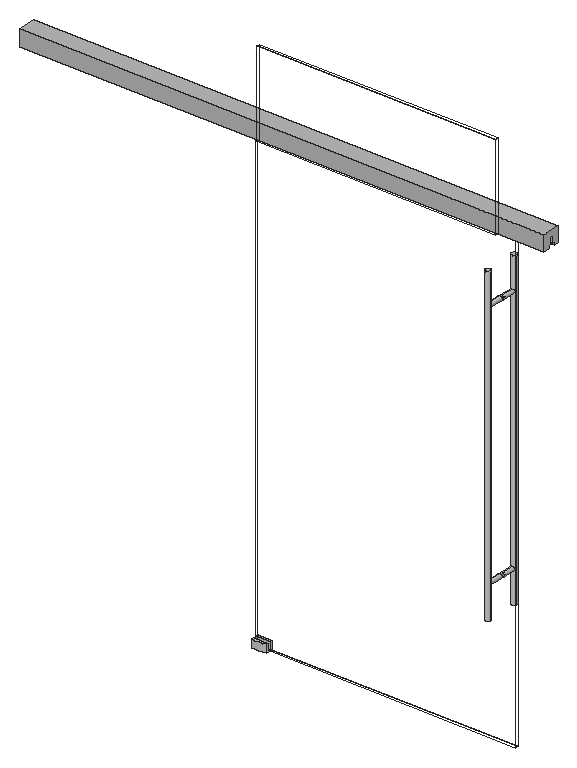
Revit family "Doors_Sliding_Avanti_Systems_Polaris-Auto-Magnetic-Slider_Single-Glass-Mount-Dbl-Glazed", category Doors, Revit 2015
Parameters (values of type "Load Family Type Catalog")
  Youtube clip = ""
  Weight Net (Kg) = "0"
  Warranty = "1 year"  # constant formula
  Uniformat II Description = "Interior Doors"
  Uniformat II Code = "C1020"
  Uniclass 2015 Name = "Sliding door and partition sets"
  Uniclass 2015 Code = "Pr_30_59_24_80"
  Uniclass 2.0 Description = "Sliding Door And Partition Sets"
  Uniclass 2.0 Code = "PR-59-23-77"
  Uniclass 1.4 Description = "Doors"
  Uniclass 1.4 Code = "JL20"
  URL = "www.avantisystemsusa.com"
  UNSPSC Code = "30171501"
  Type = 1
  Transome Glass Width [instance] = 36 5/8"
  Transome Glass Height [instance] = 13.17078"
  Transom Height [instance] = 13.35828"
  Thickness = if(Type = 1, 1/2", if(Type = 2, 3/8", if(Type = 3, 7/16", if(Type = 4, 9/16", 3/4"))))  # 1/2"
  Technical description = ""
  Stainless Steel Finish = "Yes"  # constant formula
  Sound Rating = 0
  Region South America = "All"
  Region Oceania = "All"
  Region North America = "All"
  Region Middle East = "All"
  Region Europe = "All"
  Region Asia = "All"
  Region Antarctica = "All"
  Region Africa = "All"
  Rail material [instance] = Polyester powder - Avanti - White aluminium METALLIC - RAL9006
  Rail Length [instance] = (Opening Width * 2) + 6 5/16"  # 80 5/16"
  QR code = "http://bimobject.com/avantisystems/product/avanti-polaris-auto-magnetic-slider"
  Product url = "https://www.avantisystemsusa.com/glass-products/doors/sliding-doors/automatic-doors/"
  Product group = "Automatic Doors"
  Product family = "Sliding Doors"
  Product data url = "https://bimobject.com/avantisystems/product/avanti-polaris-auto-magnetic-slider"
  Product certification = ""
  Product SKU = "avanti-polaris-auto-magnetic-slider"
  Product Guid = "5e847812-9909-4e74-9d64-870bde1c5a5f"
  Power = 110 V  # constant formula
  Opening Width [instance] = 37"
  OmniClass Description = "Sliding All Glass Doors"
  OmniClass Code = "23-17 11 23 13"
  Nominal width = 0"
  Nominal height = 0"
  NBS Reference Description = "Sliding Door And Partition Sets"
  NBS Reference Code = "59-23-77"
  Model = "Polaris™ Auto Magnetic Slider"  # constant formula
  Material secondary = "Aluminium"
  Material main = "Glass"
  Masterformat 2014 Description = "Sliding Aluminum-Framed Glass Doors"
  Masterformat 2014 Code = "08 32 13"
  Manufacturer name = "Avanti Systems"
  Manufacturer country = ""
  Manufacturer = "Avanti Systems USA"  # constant formula
  Lock = "Thumb turn floor lock with a key"
  Ladder Pull Height [instance] = 18"
  LEED compatibility = "LEED 2009 (v3): MRc3, MRc4, MRc5, MRc7, EQc4.2, EQc8.1 and EQc8.2. LEED v4: MRc1, MRc3, MRc4, MRc8, EQc2, EQc7 and EQc8."  # constant formula
  Installation instructions = ""
  IFC Classification = "Door"
  Hardware material [instance] = Stainless Steel - Avanti- Brushed Finish
  Handle type [instance] = Handle : 48" Ladder Pull
  Glazing = "Safety Glazing SGCC"
  Glass Width [instance] = 40"
  Glass Material = Glass - Avanti -  Low Iron
  Glass Marker = yes
  Glass Height [instance] = 71.98981"
  Gap Thickness = if(Type = 1, 1 1/4", if(Type = 2, 1 39/128", if(Type = 3, 1 35/128", if(Type = 4, 1 27/128", 1 15/128"))))  # 1 1/4"
  Function = Interior
  Edition number = 1
  EAN code = ""
  Design country = "United States"
  Description = "The newset innovation in modern interior office entryway design."  # constant formula
  Date of publishing = ""
  Clear Anodic Finish = "ASTM B221 (ASTM B221M)"  # constant formula
  COBIe Type Category = ""
  Brand url = "http://www.avantisystemsusa.com/"
  BIMobject main category code = "doors"
  BIMobject main category = "Doors"
  BIMobject category code = "doors-sliding"
  BIMobject category = "Sliding"
  Analytic Construction = "<None>"
Reference planes (in)
  plane 1 "Center (Front/Back)": y = 0
  plane 2: z = 0
  plane 3 "Center (Left/Right)": x = 3.24894
  plane 4: x = -15.25106
  plane 5: x = 21.74894
  plane 6 "Top": z = 84.14172
  plane 7 "Curtain_wall_center": y = 1.4375
  plane 8 "Curtain_wall_exterior": y = 1.6875
  plane 9 "Curtain_wall_interior": y = 1.1875
  plane 10 "Top_panel_height": z = 70.78343
  plane 11 "Doors_exterior": y = 3.4375
  plane 12 "Doors_center": y = 3.1875
  plane 13 "Doors_interior": y = 2.9375
  plane 14 "Door_offset_left": x = -16.75106
  plane 15 "Door_offset_right": x = 23.24894
  plane 16 "Door_offset_top": z = 72.14172
  plane 17 "Handle_placement_top": z = 18
  plane 18 "Handle_placement_level": x = 20.74894
  plane 19: x = -14.76823
  plane 20: z = 0.15191
  plane 21: x = -51.87606
  plane 22: x = 28.43644
  plane 23: x = 21.56144
  plane 24: z = 83.95422
  plane 25: x = -15.06356
  plane 26: z = 36.07086
Forms (in)
  Extrusion 1, solid, material "Glass - Avanti -  Low Iron" <- "Glass Material"
    sketch origin (0, 0, 0) x (1, 0, 0) y (0, 1, 0)
      loop
        line (-16.75106, 3.4375) -> (-16.75106, 2.9375) -> (23.24894, 2.9375) -> (23.24894, 3.4375) -> (-16.75106, 3.4375)
    from 0.15191 to 72.14172
  Extrusion 2, solid, material "Stainless Steel - Avanti- Brushed Finish" <- "Hardware material"
    sketch origin (0, 0, 0) x (1, 0, 0) y (0, 1, 0)
      loop
        arc (-17.01409, 2.67156) -> (-15.89116, 2.46923) -> (-14.76823, 2.67156) r 3.2173
        line (-14.76823, 2.67156) -> (-14.76823, 3.70344)
        arc (-14.76823, 3.70344) -> (-15.89116, 3.86477) -> (-17.01409, 3.70344) r 3.98879
        line (-17.01409, 3.70344) -> (-17.01409, 2.67156)
    from 0 to 1.21575
  Extrusion 3, void
    sketch origin (3.24894, 0, 0) x (0, 1, 0) y (0, 0, 1)
      loop
        line (3.4375, 1.21575) -> (2.9375, 1.21575) -> (2.9375, 0.15191) -> (3.4375, 0.15191) -> (3.4375, 1.21575)
    from -20.26303 to -18.01717
  Sweep 4, solid, material "Polyester powder - Avanti - White aluminium METALLIC - RAL9006" <- "Rail material"
    path origin (0, 0, 0) x (1, 0, 0) y (0, 0, 1)
      loop
        line (28.43644, 72.14172) -> (-51.87606, 72.14172)
    profile origin (-11.71981, 0, 72.14172) x (0, 0, -1) y (0, -1, 0)
      loop
        line (1.35828, -1.6875) -> (-1.00393, -1.6875) -> (-1.00393, -4.44977) -> (1.35828, -4.44977) -> (1.35828, -3.85922) -> (0.96064, -3.85922) -> (0.96064, -3.4375) -> (0, -3.4375) -> (0, -2.9375) -> (1.00001, -2.9375) -> (1.00001, -2.66236) -> (1.35828, -2.66236) -> (1.35828, -1.6875)
  Extrusion 5, solid, material "Glass - Avanti -  Low Iron" <- "Glass Material"
    sketch origin (0, 0, 0) x (1, 0, 0) y (0, 1, 0)
      loop
        line (-15.06356, 1.6875) -> (-15.06356, 1.1875) -> (21.56144, 1.1875) -> (21.56144, 1.6875) -> (-15.06356, 1.6875)
    from 70.78343 to 83.95422
Cuts and joins
  Extrusion 3 cuts Extrusion 2
Lines and regions (in)
  symbolic lines, style "0"
    curve 1: line (-17.01409, 2.67156, 0) -> (-17.01409, 3.70344, 0)
    curve 2: line (-14.76823, 2.67156, 0) -> (-14.76823, 3.70344, 0)
    curve 3: circle (-16.75106, 3.1875, 0) r 0.22256 normal (0, 0, 1)
    curve 4: circle (-16.75106, 3.1875, 0) r 0.13151 normal (0, 0, 1)
    curve 5: circle (-15.03126, 3.1875, 0) r 0.22256 normal (0, 0, 1)
    curve 6: circle (-15.03126, 3.1875, 0) r 0.13151 normal (0, 0, 1)
    curve 7: arc (-15.42624, 2.81319, 0) -> (-15.29429, 3.1875, 0) -> (-15.42624, 3.56181, 0) r 0.59687
    curve 8: arc (-16.35608, 3.56181, 0) -> (-16.48803, 3.1875, 0) -> (-16.35608, 2.81319, 0) r 0.59687
    curve 9: line (-14.76823, 3.56181, 0) -> (-17.01409, 3.56181, 0)
    curve 10: line (-14.76823, 2.81319, 0) -> (-17.01409, 2.81319, 0)
    curve 21: arc (-14.76823, 2.67156, 0) -> (-15.89116, 2.46923, 0) -> (-17.01409, 2.67156, 0) r 3.2173
    curve 35: line (-14.76823, 2.9375, 0) -> (23.24894, 2.9375, 0)
    curve 36: line (23.24894, 2.9375, 0) -> (23.24894, 3.4375, 0)
    curve 37: line (3.24894, 1.6875, 84.14172) -> (3.24894, 1.1875, 84.14172)
    curve 38: line (3.24894, 1.6875, 70.78343) -> (3.24894, 1.6875, 84.14172)
    curve 39: line (3.24894, 1.1875, 70.78343) -> (3.24894, 1.6875, 70.78343)
    curve 40: line (3.24894, 1.1875, 84.14172) -> (3.24894, 1.1875, 70.78343)
    curve 41: line (3.24894, 3.4375, 0.15191) -> (3.24894, 3.4375, 72.14172)
    curve 42: line (3.24894, 2.9375, 0.15191) -> (3.24894, 3.4375, 0.15191)
    curve 43: line (3.24894, 2.9375, 72.14172) -> (3.24894, 2.9375, 0.15191)
  symbolic lines, style "0", not visible
    curve 11: line (-11.39483, 5.69093, 0) -> (-11.39483, 4.65905, 0)
    curve 12: line (-13.64069, 5.69093, 0) -> (-13.64069, 4.65905, 0)
    curve 13: circle (-11.65786, 5.17499, 0) r 0.22256 normal (0, 0, 1)
    curve 14: circle (-11.65786, 5.17499, 0) r 0.13151 normal (0, 0, 1)
    curve 15: circle (-13.37767, 5.17499, 0) r 0.22256 normal (0, 0, 1)
    curve 16: circle (-13.37767, 5.17499, 0) r 0.13151 normal (0, 0, 1)
    curve 17: arc (-12.98268, 5.5493, 0) -> (-13.11464, 5.17499, 0) -> (-12.98268, 4.80068, 0) r 0.59687
    curve 18: arc (-12.05285, 4.80068, 0) -> (-11.92089, 5.17499, 0) -> (-12.05285, 5.5493, 0) r 0.59687
    curve 19: line (-13.64069, 4.80068, 0) -> (-11.39483, 4.80068, 0)
    curve 20: line (-13.64069, 5.5493, 0) -> (-11.39483, 5.5493, 0)
    curve 22: arc (-13.64069, 5.69093, 0) -> (-12.51776, 5.89326, 0) -> (-11.39483, 5.69093, 0) r 3.2173
  symbolic lines, style "0", detail levels medium+fine
    curve 23: circle (20.74894, 5.71141, 0) r 0.39445 normal (0, 0, 1)
    curve 24: line (20.43894, 5.46751, 0) -> (20.43894, 3.4375, 0)
    curve 25: line (21.06195, 5.47137, 0) -> (21.06195, 3.4375, 0)
    curve 26: circle (20.74894, 0.66359, 0) r 0.39445 normal (0, 0, -1)
    curve 27: line (20.43894, 0.90749, 0) -> (20.43894, 2.9375, 0)
    curve 28: line (21.06195, 0.90363, 0) -> (21.06195, 2.9375, 0)
  symbolic lines, style "0", not visible, detail levels medium+fine
    curve 29: circle (20.74894, 4.89891, 0) r 0.39445 normal (0, 0, 1)
    curve 30: line (20.43894, 4.65501, 0) -> (20.43894, 2.625, 0)
    curve 31: line (21.06195, 4.65887, 0) -> (21.06195, 2.625, 0)
    curve 32: circle (20.74894, -0.14891, 0) r 0.39445 normal (0, 0, -1)
    curve 33: line (20.43894, 0.09499, 0) -> (20.43894, 2.125, 0)
    curve 34: line (21.06195, 0.09113, 0) -> (21.06195, 2.125, 0)
  symbolic lines, not visible
    curve 44: line (-16.88257, 3.1875, 0) -> (-16.61954, 3.1875, 0)
    curve 45: line (-11.52635, 5.17499, 0) -> (-11.78938, 5.17499, 0)
    curve 49: line (1.40098, 0.25002, 36.07086) -> (5.0969, 0.25002, 36.07086)
    curve 54: line (-1.84534, 0.25002, 22.66367) -> (1.85057, 0.25002, 22.66367)
    curve 59: arc (-13.64069, 4.65905, 0) -> (-12.51776, 4.49772, 0) -> (-11.39483, 4.65905, 0) r 3.98879
  symbolic lines, visible <- "Glass Marker"
    curve 46: line (0.42051, -0.24998, 33.24243) -> (6.07737, -0.24998, 38.89929)
    curve 47: line (3.24894, -0.24998, 34.2229) -> (5.0969, -0.24998, 36.07086)
    curve 48: line (1.40098, -0.24998, 36.07086) -> (3.24894, -0.24998, 37.91882)
  model lines, not visible
    curve 50: line (3.24894, 0.25002, 34.2229) -> (3.24894, 0.25002, 37.91882)
    curve 55: line (0.00262, 0.25002, 20.81572) -> (0.00262, 0.25002, 24.51163)
  symbolic lines, visible <- "Glass Marker", not visible
    curve 51: line (-2.82581, -0.24998, 19.83525) -> (2.83104, -0.24998, 25.4921)
    curve 52: line (0.00262, -0.24998, 20.81572) -> (1.85057, -0.24998, 22.66367)
    curve 53: line (-1.84534, -0.24998, 22.66367) -> (0.00262, -0.24998, 24.51163)
  symbolic lines
    curve 56: line (-14.76823, 3.4375, 0) -> (23.24894, 3.4375, 0)
    curve 57: line (-14.76823, 3.4375, 0) -> (-14.76823, 2.9375, 0)
    curve 58: arc (-14.76823, 3.70344, 0) -> (-15.89116, 3.86477, 0) -> (-17.01409, 3.70344, 0) r 3.98879
Text (in)
  text "Exterior" at (-45.72835, 31.38743, 0), in view "Ref. Level"
Dimensions and locks (in)
  equal spacing: plane 4, plane 3 "Center (Left/Right)", plane 5  (x2)
  equal spacing: plane 8 "Curtain_wall_exterior", plane 7 "Curtain_wall_center", plane 9 "Curtain_wall_interior"
  equal spacing: plane 11 "Doors_exterior", plane 12 "Doors_center", plane 13 "Doors_interior"
  "Gap Thickness": plane 13 "Doors_interior" to plane 8 "Curtain_wall_exterior"
  locked: plane 5 to plane 15 "Door_offset_right" at 1.5
  locked: plane 14 "Door_offset_left" to plane 4 at 1.5
  "Thickness": plane 11 "Doors_exterior" to plane 13 "Doors_interior"
  "Thickness": plane 8 "Curtain_wall_exterior" to plane 9 "Curtain_wall_interior"
  "Ladder Pull Height": plane 2 to plane 17 "Handle_placement_top"
  locked: plane 18 "Handle_placement_level" to plane 15 "Door_offset_right" at 2.5
  equal spacing: plane 14 "Door_offset_left", plane 3 "Center (Left/Right)", plane 15 "Door_offset_right"
  "Opening Width": plane 4 to plane 5
  locked: plane 4 to plane 19 at 0.48283
  locked: plane 18 "Handle_placement_level" to curve 25 at 0.31301
  locked: plane 18 "Handle_placement_level" to curve 28 at 0.31301
  Extrusion 1 to Extrusion 1 = 1/2"
  locked: plane 5 to plane 22 at 6.6875
  "Rail Length": plane 21 to plane 22
  locked: plane 10 "Top_panel_height" to plane 16 "Door_offset_top" at 1.35828
  plane 11 "Doors_exterior" to plane 13 "Doors_interior" = 1/2"
  plane 8 "Curtain_wall_exterior" to plane 9 "Curtain_wall_interior" = 1/2"
  "Transom Height": plane 10 "Top_panel_height" to plane 6 "Top"
  locked: plane 25 to plane 4 at 0.1875
  locked: plane 5 to plane 23 at 0.1875
  locked: plane 24 to plane 6 "Top" at 0.1875
  equal spacing: plane 2, plane 26, plane 16 "Door_offset_top"
  curve 9 to nested 2 = 2 251/256"
  locked: nested 3 to curve 49 at 7
  locked: plane 2 to plane 20 at 0.15191
  "Transome Glass Width": plane 23 to plane 25
  "Transome Glass Height": plane 10 "Top_panel_height" to plane 24
  "Glass Height": plane 20 to plane 16 "Door_offset_top"
  "Glass Width": Extrusion 1 to Extrusion 1
  locked: plane 1 "Center (Front/Back)" to plane 7 "Curtain_wall_center" at 1.4375
  aligned and locked: level to plane 2
  aligned and locked: Extrusion 1 sketch curve to plane 11 "Doors_exterior"
  aligned and locked: Extrusion 1 sketch curve to plane 14 "Door_offset_left"
  aligned and locked: plane 13 "Doors_interior" to Extrusion 1 sketch curve
  aligned and locked: plane 15 "Door_offset_right" to Extrusion 1 sketch curve
  aligned and locked: curve 2 to plane 19
  aligned and locked: plane 11 "Doors_exterior" to curve 25
  aligned and locked: plane 11 "Doors_exterior" to curve 24
  aligned and locked: plane 13 "Doors_interior" to curve 28
  aligned and locked: plane 13 "Doors_interior" to curve 27
  aligned and locked: plane 11 "Doors_exterior" to Extrusion 3 sketch curve
  aligned and locked: Extrusion 3 sketch curve to plane 13 "Doors_interior"
  aligned and locked: Extrusion 2 to Extrusion 3 sketch curve
  aligned and locked: curve 42 to cut or joined group of Extrusion 2, Extrusion 3
  aligned and locked: curve 43 to cut or joined group of Extrusion 2, Extrusion 3
  aligned and locked: cut or joined group of Extrusion 2, Extrusion 3 to plane 2
  aligned and locked: Sweep 4 sketch curve to plane 16 "Door_offset_top"
  aligned and locked: plane 22 to Sweep 4 sketch curve
  aligned and locked: plane 21 to Sweep 4 sketch curve
  aligned and locked: plane 16 "Door_offset_top" to nested 1
  aligned and locked: Sweep 4 sketch curve to nested 1  (x5)
  aligned and locked: Sweep 4 sketch curve to plane 8 "Curtain_wall_exterior"
  aligned and locked: cut or joined group of Extrusion 2, Extrusion 3 to plane 19
  aligned and locked: plane 16 "Door_offset_top" to curve 41
  aligned and locked: plane 16 "Door_offset_top" to curve 43
  aligned and locked: Extrusion 5 sketch curve to plane 8 "Curtain_wall_exterior"
  aligned and locked: plane 9 "Curtain_wall_interior" to Extrusion 5 sketch curve
  aligned and locked: curve 44 to plane 12 "Doors_center"
  aligned and locked: Extrusion 1 to cut or joined group of Extrusion 2, Extrusion 3
  aligned and locked: plane 23 to Extrusion 5
  aligned and locked: Extrusion 5 to plane 24
  aligned and locked: Extrusion 5 to plane 25
  aligned and locked: plane 26 to curve 49
  aligned and locked: plane 3 "Center (Left/Right)" to curve 50
  aligned and locked: plane 12 "Doors_center" to nested 1
  aligned and locked: Sweep 4 sketch curve to plane 11 "Doors_exterior"
  aligned and locked: plane 13 "Doors_interior" to Sweep 4 sketch curve
  aligned and locked: plane 3 "Center (Left/Right)" to nested 2
  aligned and locked: plane 3 "Center (Left/Right)" to nested 3
  aligned and locked: plane 20 to Extrusion 1
  aligned and locked: plane 16 "Door_offset_top" to Extrusion 1
  aligned and locked: Extrusion 5 to plane 10 "Top_panel_height"
  aligned and locked: plane 11 "Doors_exterior" to Extrusion 1
  aligned and locked: plane 15 "Door_offset_right" to curve 56
  aligned and locked: plane 19 to curve 57
  aligned and locked: plane 11 "Doors_exterior" to curve 57
  aligned and locked: plane 13 "Doors_interior" to curve 57
  aligned and locked: plane 18 "Handle_placement_level" to nested 4
  aligned and locked: plane 2 to nested 4
  aligned and locked: plane 11 "Doors_exterior" to nested 4
Automatic sketch dimensions
  Extrusion 2 sketch curve to plane 19 = 0"
  plane 4 to Extrusion 2 sketch curve = 0.6401"  (x2)
  plane 1 "Center (Front/Back)" to Extrusion 2 sketch curve = 0.12403"
  plane 14 "Door_offset_left" to Extrusion 2 sketch curve = 0.26303"
  Extrusion 2 sketch curve to plane 13 "Doors_interior" = 0.26594"
  plane 11 "Doors_exterior" to Extrusion 2 sketch curve = 0.26594"
  plane 11 "Doors_exterior" to Extrusion 2 sketch curve = 2.24903"
  level to Extrusion 3 sketch curve = 0.15191"
  Sweep 4 sketch curve to profile plane = 0"
  Sweep 4 sketch curve to Sweep 4 sketch curve = 0"
  Sweep 4 sketch curve to Sweep 4 sketch curve = 0.39764"
  Sweep 4 sketch curve to Sweep 4 sketch curve = 0.35827"
  curve 39 to plane 9 "Curtain_wall_interior" = 0"
  curve 38 to plane 8 "Curtain_wall_exterior" = 0"
  plane 5 to Extrusion 5 sketch curve = 3/16"
  Extrusion 5 sketch curve to plane 4 = 3/16"
  curve 42 to plane 11 "Doors_exterior" = 0"
  curve 40 to plane 10 "Top_panel_height" = 0"
  plane 6 "Top" to curve 37 = 0"
  curve 3 to curve 4 = 0"  (x4)
  curve 5 to curve 6 = 0"  (x4)
  curve 7 to curve 8 = 0"  (x4)
  curve 9 to curve 5 = 0.26303"
  curve 5 to curve 8 = 0.8599"
  curve 2 to curve 21 = 1.12293"
  curve 7 to curve 4 = 0.8599"
  curve 3 to curve 1 = 0.26303"
  curve 21 to curve 2 = 1.98308"
  curve 1 to curve 2 = 0"
  curve 1 to curve 4 = 0.51594"
  curve 3 to curve 7 = 0"
  curve 2 to curve 6 = 0.51594"
  curve 3 to curve 1 = 0.51594"
  curve 21 to curve 58 = 2.79558"
  curve 5 to curve 7 = 0.39498"  (x2)
  curve 8 to curve 3 = 0.39498"
  curve 44 to curve 3 = 0.13151"
  curve 1 to curve 9 = 0.14163"
  curve 3 to curve 44 = 0"
  curve 13 to curve 14 = 0"  (x4)
  curve 15 to curve 16 = 0"  (x4)
  curve 17 to curve 18 = 0"  (x4)
  curve 19 to curve 15 = 0.26303"
  curve 15 to curve 18 = 0.8599"
  curve 12 to curve 22 = 1.12293"
  curve 17 to curve 14 = 0.8599"
  curve 13 to curve 11 = 0.26303"
  curve 22 to curve 12 = 1.98308"
  curve 11 to curve 12 = 0"
  curve 11 to curve 14 = 0.51594"
  curve 13 to curve 17 = 0"
  curve 12 to curve 16 = 0.51594"
  curve 13 to curve 11 = 0.51594"
  curve 22 to curve 59 = 2.79558"
  curve 15 to curve 17 = 0.39498"  (x2)
  curve 18 to curve 13 = 0.39498"
  curve 45 to curve 13 = 0.13151"
  curve 11 to curve 19 = 0.14163"
  curve 13 to curve 45 = 0"
  radius of curve 3 = 0.22256"
  radius of curve 5 = 0.22256"
  radius of curve 6 = 0.13151"
  radius of curve 13 = 0.22256"
  radius of curve 15 = 0.22256"
  radius of curve 16 = 0.13151"
Nested families (in)
  nested 1: "Rail-Detail" at (3.24894, 3.11364, 71.96454) x (0, 1, 0) z (1, 0, 0), type "Rail-Detail"
    with Thickness 1/2", Half Thickness 1/4"
  nested 2: "Arrow" at (3.24894, 6.54228, 0), type "arrow"
  nested 3: "Arrow" at (3.24894, 0, 43.07086) x (1, 0, 0) z (0, -1, 0), type "arrow"
  nested 4: "Handle" at (22.37394, 4.8125, 38) x (-1, 0, 0) z (0, 1, 0), type <- "Handle type", type "48" Ladder Pull", detail levels medium+fine
    with Locker yes
Definition of nested family "Handle"
  Parameters (values of type "48" Ladder Pull")
    Width = 54.28299"
    Type = 3
    Ladder Pool Height = 18"
    Ladder 60" = if(Type = 5, 1 = 1, 1 = 0)  # no
    Ladder = if(Type = 3, 1 = 1, 1 = 0)  # yes
    Thickness = 1/2"
    Panic hardware = if(Type = 4, 1 = 1, 1 = 0)  # no
    Material = none
    Locker [instance] = yes
    Height = 90 9/16"
    Glass door = if(Type = 2, 1 = 1, 1 = 0)  # no
    Framed door = if(Type = 1, 1 = 1, 1 = 0)  # no
    Default Elevation = 48"
  Types (2): name | Type | Ladder 60" | Ladder
    60" Ladder Pull | 5 | yes | no
    48" Ladder Pull | 3 | no | yes
  Reference planes (in)
    plane 1 "Center (Front/Back)": y = 0
    plane 2: z = 0
    plane 3 "Center (Left/Right)": x = 0
    plane 4 "door_up": z = -1.375
    plane 5 "door_down": z = -1.875
    plane 6: z = -3.25
    plane 7: x = -1.25
    plane 8: x = -43.31449
    plane 9: x = -46.03299
    plane 10: x = -43.31449
    plane 11: y = 51.9375
    plane 12: y = 0.625
    plane 13: y = 11.125
    plane 14: y = 52.5625
    plane 15: y = -38
    plane 16: x = -50.15799
    plane 17 "door": x = 4.125
    plane 18: x = 1.625
    plane 19: y = -20
  Forms (in)
    Sweep 1, solid, material <- "Material", visible <- "Panic hardware"
      path origin (0, 0, 0) x (1, 0, 0) y (0, 1, 0)
        loop
          line (-1.25, 51.9375) -> (-1.25, 4.25)
          arc (-1.25, 4.25) -> (-2.12868, 2.12868) -> (-4.25, 1.25) r 3
          line (-4.25, 1.25) -> (-43.31449, 1.25)
      profile origin (-1.25, 28.09375, 0) x (1, 0, 0) y (0, 0, 1)
        loop
          circle (0.625, 0.625) r 0.625
    Sweep 2, solid, material <- "Material", visible <- "Panic hardware"
      path origin (0, 0, 0) x (1, 0, 0) y (0, 0, 1)
        loop
          line (-43.31449, 0) -> (-44.06449, 0)
          arc (-44.06449, 0) -> (-44.57255, -0.21044) -> (-44.78299, -0.7185) r 0.7185
          line (-44.78299, -0.7185) -> (-44.78299, -1.375)
      profile origin (-43.68949, 0, 0) x (0, 0, -1) y (0, -1, 0)
        loop
          circle (-0.625, -0.625) r 0.625
    Sweep 3, solid, material <- "Material", visible <- "Panic hardware"
      path origin (0, 0, -6.75) x (1, 0, 0) y (0, 0, -1)
        loop
          line (-43.31449, -3.5) -> (-44.06449, -3.5)
          arc (-44.06449, -3.5) -> (-44.57255, -3.71044) -> (-44.78299, -4.2185) r 0.7185
          line (-44.78299, -4.2185) -> (-44.78299, -4.875)
      profile origin (-43.68949, 0, -3.25) x (0, 0, -1) y (0, -1, 0)
        loop
          circle (0.625, -0.625) r 0.625
    Sweep 4, solid, material <- "Material", visible <- "Panic hardware"
      path origin (-30, 0, -6.75) x (-1, 0, 0) y (0, 0, -1)
        loop
          line (13.31449, -3.5) -> (-28.0315, -3.5)
          arc (-28.0315, -3.5) -> (-28.53956, -3.71044) -> (-28.75, -4.2185) r 0.7185
          line (-28.75, -4.2185) -> (-28.75, -4.875)
      profile origin (-22.6415, 0, -3.25) x (0, 0, 1) y (0, -1, 0)
        loop
          circle (-0.625, -0.625) r 0.625
  Cuts and joins
    joined: Sweep 1, Sweep 2
    joined: Sweep 3, Sweep 4
  Dimensions and locks (in)
    "Thickness": plane 5 "door_down" to plane 4 "door_up"
    locked: plane 3 "Center (Left/Right)" to plane 7 at 1.25
    locked: plane 9 to plane 8 at 2.7185
    locked: plane 9 to Sweep 3 sketch curve at 1.25
    locked: Sweep 2 sketch curve to plane 9 at 1.25
    locked: plane 10 to plane 9 at 2.7185
    locked: Sweep 1 sketch curve to plane 1 "Center (Front/Back)" at 1.25
    locked: plane 3 "Center (Left/Right)" to nested 1 at 0.125
    locked: plane 4 "door_up" to plane 2 at 1.375
    locked: plane 6 to plane 5 "door_down" at 1.375
    locked: plane 12 to plane 1 "Center (Front/Back)" at 0.625
    locked: plane 13 to plane 12 at 10.5
    locked: plane 14 to plane 11 at 0.625
    "Height": plane 14 to plane 15
    locked: plane 1 "Center (Front/Back)" to plane 15 at 38
    locked: plane 3 "Center (Left/Right)" to plane 17 "door" at 4.125
    "Width": plane 16 to plane 17 "door"
    locked: plane 16 to plane 10 at 6.8435
    locked: plane 18 to plane 17 "door" at 2.5
    "Ladder Pool Height": plane 19 to plane 15
    aligned and locked: level to plane 2
    aligned and locked: plane 4 "door_up" to cut or joined group of Sweep 1, Sweep 2
    aligned and locked: Sweep 2 sketch curve to plane 4 "door_up"
    aligned and locked: Sweep 3 sketch curve to plane 5 "door_down"
    aligned and locked: plane 6 to Sweep 3 sketch curve
    aligned and locked: plane 7 to Sweep 4 sketch curve
    aligned and locked: Sweep 4 sketch curve to plane 6
    aligned and locked: plane 8 to Sweep 4 sketch curve
    aligned and locked: plane 8 to Sweep 3 sketch curve
    aligned and locked: plane 10 to Sweep 2 sketch curve
    aligned and locked: plane 10 to Sweep 1 sketch curve
    aligned and locked: plane 11 to Sweep 1 sketch curve
    aligned and locked: plane 5 "door_down" to Sweep 4 sketch curve
    aligned and locked: nested 1 to plane 4 "door_up"
    aligned and locked: plane 13 to nested 1
    aligned and locked: nested 2 to plane 4 "door_up"
    aligned and locked: plane 3 "Center (Left/Right)" to nested 2
    aligned and locked: nested 2 to plane 11
    aligned and locked: nested 2 to plane 14
    aligned and locked: plane 18 to nested 3
    aligned and locked: plane 1 "Center (Front/Back)" to nested 3
    aligned and locked: nested 4 to plane 18
    aligned and locked: nested 4 to plane 1 "Center (Front/Back)"
    aligned and locked: nested 5 to plane 4 "door_up"
    aligned and locked: nested 5 to plane 17 "door"
    aligned and locked: nested 5 to plane 1 "Center (Front/Back)"
    aligned and locked: nested 6 to plane 4 "door_up"
    aligned and locked: plane 5 "door_down" to nested 7
    aligned and locked: nested 7 to plane 19
    aligned and locked: plane 19 to nested 6
    aligned and locked: nested 6 to plane 18
    aligned and locked: nested 7 to plane 18
    aligned and locked: plane 4 "door_up" to nested 8
    aligned and locked: plane 15 to nested 8
    aligned and locked: plane 5 "door_down" to nested 9
    aligned and locked: nested 9 to plane 15
    aligned and locked: plane 18 to nested 8
    aligned and locked: plane 18 to nested 9
  Nested families (in)
    nested 1: "Family2" at (-1.125, 11.125, 0.22234), visible <- "Panic hardware", type "Family2"
      with Lock yes
    nested 2: "Family3" at (-0.26102, 51.9375, -1.63602), visible <- "Panic hardware", type "Family3"
      with Thickness 1/2"
    nested 3: "Handle Timber" at (1.625, 0, -1.875), Locker <- "Locker", visible <- "Framed door", type "Handle Timber"
      with Locker yes
    nested 4: "Handle Timber" at (1.625, 0, -1.375) x (1, 0, 0) z (0, 0, -1), Locker <- "Locker", visible <- "Framed door", type "Handle Timber"
      with Locker yes
    nested 5: "Hinged Framed Swing locker" at (3.22214, -1.5625, -5.625), Handle and assembly material <- "Material", visible <- "Glass door", type "Hinged Framed Swing locker"
      with Handle and assembly material none
    nested 6: "Handle_For-Glass_Rounded_600mm" at (1.625, 13.36577, -1.375) x (-1, 0, 0) z (0, 0, -1), Handle Material <- "Material", visible <- "Ladder", type "Handle_For-Glass_Rounded_600mm"
      with Handle Material none, Handle Height 48"
    nested 7: "Handle_For-Glass_Rounded_600mm" at (1.625, -5.36577, -1.875) x (-1, 0, 0) z (0, 0, 1), Handle Material <- "Material", visible <- "Ladder", type "Handle_For-Glass_Rounded_600mm"
      with Handle Material none, Handle Height 48"
    nested 8: "Handle_For-Glass_Rounded_60in" at (1.625, 2.47039, -1.375), visible <- "Ladder 60"", Handle Material <- "Material", type "60""
      with No locker yes, Locker no, Handle Material none, Handle Height 60"
    nested 9: "Handle_For-Glass_Rounded_60in2" at (1.625, 2.47039, -1.875), visible <- "Ladder 60"", Handle Material <- "Material", type "60""
      with No locker no, Locker yes, Handle Material none, Handle Height 60"
  Definition of nested family "Family2"
    Parameters (values of type "Family2")
      Thickness = 1/2"
      Material = none
      Lock = no
    Reference planes (in)
      plane 1 "Center (Front/Back)": y = 0
      plane 2: z = 0
      plane 3 "Center (Left/Right)": x = 0
      plane 4: z = -2.09734
      plane 5: z = -1.59734
    Forms (in)
      Extrusion 1, solid, material <- "Material"
        sketch origin (0, 0, 0) x (0, 1, 0) y (0, 0, 1)
          loop
            line (5.04078, -0.345) -> (5.04078, 0) -> (-2.39922, 0) -> (-2.39922, -0.345) -> (5.04078, -0.345)
        from 0 to 1
      Extrusion 2, solid, material <- "Material"
        sketch origin (0, 0, 0) x (0, 1, 0) y (0, 0, 1)
          loop
            line (-0.3074, -0.345) -> (-1.4374, -0.345) -> (-1.4374, -1.31734) -> (-0.3074, -1.31734) -> (-0.3074, -0.345)
        from 0.32565 to 0.66353
      Extrusion 3, solid, material <- "Material"
        sketch origin (0, 0, 0) x (0, 1, 0) y (0, 0, 1)
          loop
            line (-1.4374, -1.31734) -> (-1.4374, -1.59734) -> (1.43807, -1.59734) -> (1.43807, -1.31734) -> (-1.4374, -1.31734)
          loop
            line (1.45803, -2.09734) -> (-1.41697, -2.09734) -> (-1.41697, -3.82961)
            arc (-1.41697, -3.82961) -> (-1.36191, -3.96254) -> (-1.22897, -4.01761) r 0.188
            line (-1.22897, -4.01761) -> (1.27003, -4.01761)
            arc (1.27003, -4.01761) -> (1.40297, -3.96254) -> (1.45803, -3.82961) r 0.188
            line (1.45803, -3.82961) -> (1.45803, -2.09734)
        from 0 to 1
      Extrusion 4, solid, material <- "Material"
        sketch origin (0, 0, 0) x (0, 1, 0) y (0, 0, 1)
          loop
            arc (-3.2641, -0.65221) -> (-3.242, -0.64306) -> (-3.23285, -0.62096) r 0.03125
            line (-3.23285, -0.62096) -> (-3.23285, 0) -> (-3.4516, 0) -> (-3.4516, -0.62096)
            arc (-3.4516, -0.62096) -> (-3.44244, -0.64306) -> (-3.42035, -0.65221) r 0.03125
            line (-3.42035, -0.65221) -> (-3.2641, -0.65221)
        from 0.32565 to 0.66353
      Extrusion 5, solid, material <- "Material", visible <- "Lock"
        sketch origin (1, 0, 0) x (0, 1, 0) y (0, 0, 1)
          loop
            circle (0.20853, -3.12734) r 0.58
          loop
            circle (0.20853, -3.12734) r 0.5625
          loop
            circle (-0.07272, -3.12734) r 0.22671
        from 0 to 0.25
      Extrusion 6, solid, material <- "Material", visible <- "Lock"
        sketch origin (1, 0, 0) x (0, 1, 0) y (0, 0, 1)
          loop
            circle (0.20853, -3.12734) r 0.5625
        from 0 to 0.20472
      Extrusion 7, solid, material <- "Material", visible <- "Lock", not visible
        sketch origin (1, 0, 0) x (0, 1, 0) y (0, 0, 1)
          loop
            circle (0.20853, -3.12734) r 0.58
          loop
            circle (0.20853, -3.12734) r 0.5625
          loop
            circle (-0.07272, -3.12734) r 0.22671
        from 0 to 0.25
      Extrusion 8, solid, material <- "Material", visible <- "Lock", not visible
        sketch origin (1, 0, 0) x (0, 1, 0) y (0, 0, 1)
          loop
            circle (0.20853, -3.12734) r 0.5625
        from 0 to 0.20472
    Lines and regions (in)
      model lines, not visible
        curve 1: line (0, -0.35397, -3.12734) -> (0, 0.39603, -3.12734)
        curve 2: line (0, -0.35397, -3.12734) -> (0, 0.39603, -3.12734)
    Dimensions and locks (in)
      "Thickness": plane 4 to plane 5
      locked: plane 5 to plane 2 at 1.59734
      aligned and locked: level to plane 2
      aligned and locked: plane 5 to Extrusion 3 sketch curve
      aligned and locked: Extrusion 3 sketch curve to Extrusion 2
      aligned and locked: Extrusion 3 sketch curve to plane 4
  Definition of nested family "Family3"
    Parameters (values of type "Family3")
      Thickness = 0.50125"
      Material = none
    Reference planes (in)
      plane 1 "Center (Front/Back)": y = 0
      plane 2: z = 0
      plane 3 "Center (Left/Right)": x = 0
      plane 4: z = 0.26102
      plane 5: z = -0.24023
    Forms (in)
      Extrusion 1, solid, material <- "Material"
        sketch origin (-0.98898, 0.625, 0.26102) x (0, 0, -1) y (0, 1, 0)
          loop
            line (-0.28125, 0.125) -> (-0.28125, -2.375) -> (0, -2.375) -> (0, 0) -> (0.50125, 0) -> (0.50125, -2.37518) -> (0.78125, -2.37518) -> (0.78125, 0.125) -> (-0.28125, 0.125)
        from 0 to 1.25
      Revolve 2, solid, material <- "Material"
        sketch origin (-0.36398, 0.615, 0.26102) x (0, 0, -1) y (0, 1, 0)
          loop
            line (-0.28125, -0.615) -> (-1.5092, -0.615) -> (-1.5092, -0.995) -> (-0.28125, -0.995) -> (-0.28125, -0.615)
          axis (-1.5092, -0.995) -> (-0.28125, -0.995)
        angle from 0 to 360
    Dimensions and locks (in)
      "Thickness": plane 4 to plane 5
      locked: Extrusion 1 to plane 4 at 0.28125
      locked: plane 5 to Extrusion 1 at 0.28
      aligned and locked: level to plane 2
      aligned and locked: Extrusion 1 to plane 4
      aligned and locked: plane 5 to Extrusion 1
  Definition of nested family "Handle Timber"
    Parameters (values of type "Handle Timber")
      Locker [instance] = yes
      Handle material = none
      Default Elevation = 48"
    Reference planes (in)
      plane 1 "Center (Front/Back)": y = 0
      plane 2: z = 0
      plane 3 "Center (Left/Right)": x = 0
    Forms (in)
      Extrusion 1, solid, material <- "Handle material"
        sketch origin (0, 0.00944, 0.00975) x (-1, 0, 0) y (0, -1, 0.00026)
          loop
            line (0.82036, -6.01526) -> (0.82036, -4.11121)
            arc (0.82036, -4.11121) -> (0, -3.29085) -> (-0.82036, -4.11121) r 0.82036
            line (-0.82036, -4.11121) -> (-0.82036, -6.01526)
            arc (-0.82036, -6.01526) -> (0, -6.83563) -> (0.82036, -6.01526) r 0.82036
          loop
            line (0.82036, -0.95129) -> (0.82036, 0.95276)
            arc (0.82036, 0.95276) -> (0, 1.77313) -> (-0.82036, 0.95276) r 0.82036
            line (-0.82036, 0.95276) -> (-0.82036, -0.95129)
            arc (-0.82036, -0.95129) -> (0, -1.77165) -> (0.82036, -0.95129) r 0.82036
        from -0.36 to -0.00798
      Sweep 2, solid, material <- "Handle material"
        path origin (0, 0.00944, 0.00975) x (-1, 0, 0) y (0, 0.00026, 1)
          loop
            line (0.00372, -0.36) -> (0.00372, -2.13165)
            arc (0.00372, -2.13165) -> (0.19244, -2.58727) -> (0.64805, -2.77599) r 0.64433
            line (0.64805, -2.77599) -> (4.19136, -2.77599)
            arc (4.19136, -2.77599) -> (4.78191, -2.53137) -> (5.02652, -1.94082) r 0.83517
            line (5.02652, -1.94082) -> (5.02652, -0.63757)
        profile origin (-0.00372, 0.00911, -1.23607) x (-1, 0, 0) y (0, 1, -0.00026)
          loop
            circle (0, 0) r 0.3937
      Extrusion 3, solid, material <- "Handle material", visible <- "Locker"
        sketch origin (0, 0.00944, 0.00975) x (-1, 0, 0) y (0, -1, 0.00026)
          loop
            line (0.82009, 4.11958) -> (0.82408, 6.02363)
            arc (0.82408, 6.02363) -> (0.00543, 6.84571) -> (-0.81665, 6.02706) r 0.82036
            line (-0.81665, 6.02706) -> (-0.82063, 4.12301)
            arc (-0.82063, 4.12301) -> (-0.00199, 3.30093) -> (0.82009, 4.11958) r 0.82036
        from -0.36 to -0.01061
    Lines and regions (in)
      reference lines
        curve 1: line (0, 6.84506, 0) -> (0, -6.83627, 0)
        curve 2: line (-5.42022, 0.00893, 0) -> (0.82036, 0.00893, 0)
    Dimensions and locks (in)
      aligned and locked: level to plane 2
  Definition of nested family "Hinged Framed Swing locker"
    Parameters (values of type "Hinged Framed Swing locker")
      Thickness = 1/2"
      Lock = yes
      Handle and assembly material [instance] = none
    Reference planes (in)
      plane 1 "Center (Front/Back)": y = 0
      plane 2: z = 0
      plane 3 "Center (Left/Right)": x = 0
      plane 4: y = 0.59375
      plane 5: y = -0.59375
      plane 6: x = -1
      plane 7: x = 1
      plane 8: y = 0.25
      plane 9: y = -0.25
      plane 10: x = 1.5
      plane 11: z = 8
      plane 12: z = 4.6875
      plane 13: z = 3.6875
      plane 14: z = 3.125
      plane 15: x = 1.38539
      plane 16: z = 2.79297
      plane 17: y = 0.25
      plane 18: y = -0.25
      plane 19: x = 0.90286
      plane 20: z = 6.0625
      plane 21: y = -0.84375
      plane 22: y = -0.80275
      plane 23 "handle_center": z = 2.4375
      plane 24: x = -4.375
      plane 25: y = -1.23355
      plane 26: z = 2.69544
      plane 27: z = 2.17956
      plane 28: y = -2.05222
      plane 29: y = -2.71875
      plane 30: z = 2.69544
      plane 31: z = 2.17956
      plane 32: z = 4.25
      plane 33: z = 3.75
      plane 34: z = 4
    Forms (in)
      Extrusion 1, solid, material <- "Handle and assembly material"
        sketch origin (0, -4, 4) x (1, 0, 0) y (0, 0, -1)
          loop
            line (-1, 0.59375) -> (-1, 0.25) -> (0.90286, 0.25) -> (0.90286, -0.25) -> (-1, -0.25) -> (-1, -0.59375) -> (1, -0.59375) -> (1, 0.59375) -> (-1, 0.59375)
        from 0 to 8
      Extrusion 2, solid, material <- "Handle and assembly material", detail levels fine
        sketch origin (0, -4, 4) x (1, 0, 0) y (0, 0, -1)
          loop
            line (1, 0.25) -> (1, -0.25)
            arc (1, -0.25) -> (1.27121, -0.02121) -> (1.5, 0.25) r 2.09856
            line (1.5, 0.25) -> (1, 0.25)
        from 3.6875 to 4.6875
      Extrusion 3, solid, material <- "Handle and assembly material", detail levels fine
        sketch origin (0, -4, 4) x (1, 0, 0) y (0, 0, -1)
          loop
            line (1, 0.25) -> (1, -0.25)
            arc (1, -0.25) -> (1.0598, -0.20427) -> (1.0921, -0.13627) r 0.16012
            arc (1.0921, -0.13627) -> (1.11202, -0.10046) -> (1.14874, -0.08227) r 0.06897
            line (1.14874, -0.08227) -> (1.30312, -0.08227)
            arc (1.30312, -0.08227) -> (1.36129, -0.05818) -> (1.38539, 0) r 0.08227
            arc (1.38539, 0) -> (1.36129, 0.05818) -> (1.30312, 0.08227) r 0.08227
            line (1.30312, 0.08227) -> (1.14874, 0.08227)
            arc (1.14874, 0.08227) -> (1.11202, 0.10046) -> (1.0921, 0.13627) r 0.06897
            arc (1.0921, 0.13627) -> (1.0598, 0.20427) -> (1, 0.25) r 0.16012
        from 2.79297 to 3.125
      Extrusion 4, solid, material <- "Handle and assembly material", visible <- "Lock", detail levels medium+fine
        sketch origin (1, -4, 4.59375) x (-1, 0, 0) y (0, -1, 0)
          loop
            circle (1, -6.0625) r 0.63654
          loop
            circle (1, -6.0625) r 0.60041
        from 0 to 0.25
      Extrusion 5, solid, material <- "Handle and assembly material", visible <- "Lock", detail levels medium+fine
        sketch origin (1, -4, 4.59375) x (-1, 0, 0) y (0, -1, 0)
          loop
            circle (1, -6.0625) r 0.60041
        from 0 to 0.209
      Blend 6, solid, material <- "Handle and assembly material", visible <- "Lock", detail levels fine
        base sketch origin (1, -4, 4.80275) x (-1, 0, 0) y (0, -1, 0)
          loop
            circle (1, -5.84645) r 0.21605
        top sketch origin (1, -4, 4.80275) x (-1, 0, 0) y (0, -1, 0)
          loop
            circle (1, -5.84645) r 0.19257
        from 0 to 0.041
      Extrusion 7, solid, material <- "Handle and assembly material"
        sketch origin (1, -4, 4.59375) x (-1, 0, 0) y (0, -1, 0)
          loop
            circle (1, -2.4375) r 0.35547
        from 0 to 1.45847
      Extrusion 8, void
        sketch origin (0.04357, -4.04543, 4) x (0, 0, -1) y (-0.017452, 0.999848, 0)
          loop
            line (-1.23355, 2.79297) -> (-1.23355, 2.90667) -> (-2.86779, 2.90667) -> (-2.86779, 2.69544) -> (-1.36779, 2.69544)
            arc (-1.36779, 2.69544) -> (-1.28242, 2.71908) -> (-1.23355, 2.79297) r 0.12635
        from -3.60215 to 0.49573
      Extrusion 9, solid, material <- "Handle and assembly material"
        sketch origin (1, -4, 4.59375) x (-1, 0, 0) y (0, -1, 0)
          loop
            arc (0.71851, -2.22043) -> (0.66353, -2.32283) -> (0.64453, -2.4375) r 0.35547
            arc (0.64453, -2.4375) -> (0.66353, -2.55217) -> (0.71851, -2.65457) r 0.35547
            line (0.71851, -2.65457) -> (5.3098, -2.57443) -> (5.375, -2.50923) -> (5.375, -2.36577) -> (5.3098, -2.30057) -> (0.71851, -2.22043)
        from 1.45847 to 2.125
      Extrusion 10, void
        sketch origin (0.04357, 0.92043, 4) x (0, 0, -1) y (0.017452, 0.999848, 0)
          loop
            arc (-1.23355, -2.79297) -> (-1.28242, -2.71908) -> (-1.36779, -2.69544) r 0.12635
            line (-1.36779, -2.69544) -> (-2.86779, -2.69544) -> (-2.86779, -2.90667) -> (-1.23355, -2.90667) -> (-1.23355, -2.79297)
        from -3.60215 to 0.49573
      Extrusion 11, solid, material <- "Handle and assembly material"
        sketch origin (1, -4, 3.40625) x (0, 1, 0) y (1, 0, 0)
          loop
            circle (2.4375, -1) r 0.35547
        from 0 to 1.45847
      Extrusion 12, void
        sketch origin (0.04357, -4.04543, 4) x (0, 0, 1) y (0.017452, -0.999848, 0)
          loop
            arc (-1.23355, -2.79297) -> (-1.28242, -2.71908) -> (-1.36779, -2.69544) r 0.12635
            line (-1.36779, -2.69544) -> (-2.86779, -2.69544) -> (-2.86779, -2.90667) -> (-1.23355, -2.90667) -> (-1.23355, -2.79297)
        from -3.60215 to 0.49573
      Extrusion 13, solid, material <- "Handle and assembly material"
        sketch origin (1, -4, 3.40625) x (0, 1, 0) y (1, 0, 0)
          loop
            line (2.22043, -0.71851) -> (2.30057, -5.3098) -> (2.36577, -5.375) -> (2.50923, -5.375) -> (2.57443, -5.3098) -> (2.65457, -0.71851)
            arc (2.65457, -0.71851) -> (2.55217, -0.66353) -> (2.4375, -0.64453) r 0.35547
            arc (2.4375, -0.64453) -> (2.32283, -0.66353) -> (2.22043, -0.71851) r 0.35547
        from 1.45847 to 2.125
      Extrusion 14, void
        sketch origin (0.04357, 0.92043, 4) x (0, 0, 1) y (-0.017452, -0.999848, 0)
          loop
            line (-1.23355, 2.79297) -> (-1.23355, 2.90667) -> (-2.86779, 2.90667) -> (-2.86779, 2.69544) -> (-1.36779, 2.69544)
            arc (-1.36779, 2.69544) -> (-1.28242, 2.71908) -> (-1.23355, 2.79297) r 0.12635
        from -3.60215 to 0.49573
    Cuts and joins
      Extrusion 8, Extrusion 10, Extrusion 12, Extrusion 14 cuts Extrusion 7
      Extrusion 10, Extrusion 12, Extrusion 14 cuts Extrusion 9
      joined: Extrusion 7, Extrusion 9
      Extrusion 12, Extrusion 14 cuts Extrusion 11
      Extrusion 12 cuts Extrusion 13
      joined: Extrusion 11, Extrusion 13
    Lines and regions (in)
      reference lines
        curve 1: line (0.35547, -1.5625, 0) -> (-4.39453, -1.5625, 0)
    Dimensions and locks (in)
      plane 4 to plane 5 = 1 3/16"
      plane 6 to plane 7 = 2"
      plane 11 to plane 2 = 8"
      plane 11 to plane 12 to plane 13 to plane 14 to plane 16 = 3 5/16" locked, 1" locked, 9/16" locked, 85/256" locked
      equal spacing: plane 17, plane 1 "Center (Front/Back)", plane 18
      "Thickness": plane 17 to plane 18
      locked: plane 19 to plane 7 at 0.09714
      locked: plane 15 to plane 10 at 0.11461
      equal spacing: plane 6, plane 3 "Center (Left/Right)", plane 7
      locked: plane 11 to plane 20 at 1.9375
      locked: plane 5 to plane 21 at 0.25
      locked: plane 22 to plane 21 at 0.041
      locked: plane 11 to plane 23 "handle_center" at 5.5625
      locked: plane 24 to plane 7 at 5.375
      locked: plane 5 to plane 29 at 2.125
      "Thickness": plane 32 to plane 33
      locked: Extrusion 1 to plane 32 at 0.34375
      locked: plane 33 to Extrusion 1 at 0.34375
      aligned and locked: level to plane 2
      aligned and locked: Extrusion 1 sketch curve to plane 6  (x2)
      aligned and locked: plane 7 to Extrusion 1 sketch curve
      aligned and locked: plane 7 to Extrusion 3 sketch curve  (x2)
      aligned and locked: plane 15 to Extrusion 3 sketch curve
      aligned and locked: plane 7 to Extrusion 2 sketch curve  (x2)
      aligned and locked: plane 10 to Extrusion 2 sketch curve
      aligned and locked: plane 19 to Extrusion 1 sketch curve
      aligned and locked: Extrusion 1 to plane 32
      aligned and locked: plane 33 to Extrusion 1
    Automatic sketch dimensions
      Extrusion 1 sketch curve to plane 12 = 3/32"
      Extrusion 1 sketch curve to Extrusion 1 sketch curve = 11/32"
      plane 13 to Extrusion 1 sketch curve = 1/16"
      Extrusion 1 sketch curve to plane 13 = 9/32"
      plane 23 "handle_center" to Extrusion 2 sketch curve = 0.09981"
      Extrusion 2 sketch curve to plane 3 "Center (Left/Right)" = 0.21269"
      plane 13 to Extrusion 2 sketch curve = 1/16"
      Extrusion 3 sketch curve to Extrusion 3 sketch curve = 0"  (x2)
      plane 19 to Extrusion 3 sketch curve = 0.0325"  (x2)
      Extrusion 3 sketch curve to plane 7 = 0.14874"  (x2)
      Extrusion 3 sketch curve to Extrusion 3 sketch curve = 0.01087"  (x2)
      Extrusion 3 sketch curve to Extrusion 3 sketch curve = 0.08227"
      Extrusion 3 sketch curve to plane 12 = 7/16"
      Extrusion 3 sketch curve to Extrusion 3 sketch curve = 0.09962"
      Extrusion 3 sketch curve to Extrusion 3 sketch curve = 0.1465"
      Extrusion 3 sketch curve to Extrusion 3 sketch curve = 0.06811"  (x2)
      Extrusion 3 sketch curve to Extrusion 3 sketch curve = 0.20701"
      plane 13 to Extrusion 3 sketch curve = 1/16"
      Extrusion 4 sketch curve to Extrusion 4 sketch curve = 0"  (x2)
      Extrusion 4 sketch curve to Extrusion 1 = 1"
      Extrusion 1 to Extrusion 4 sketch curve = 1 15/16"
      Extrusion 5 sketch curve to Extrusion 1 = 1"
      Extrusion 1 to Extrusion 5 sketch curve = 1 15/16"
      Extrusion 7 sketch curve to plane 3 "Center (Left/Right)" = 0"
      plane 25 to Extrusion 7 sketch curve = 0.32895"
      plane 20 to Extrusion 8 sketch curve = 0.80529"
      plane 12 to Extrusion 8 sketch curve = 0.68029"
      Extrusion 8 sketch curve to Extrusion 8 sketch curve = 0.0111"
      Extrusion 8 sketch curve to Extrusion 8 sketch curve = 0.12313"
      Extrusion 8 sketch curve to Extrusion 8 sketch curve = 0.09753"
      Extrusion 8 sketch curve to Extrusion 8 sketch curve = 0.1137"
      Extrusion 9 sketch curve to Extrusion 9 sketch curve = 0"  (x4)
      Extrusion 9 sketch curve to Extrusion 1 = 0.71851"
      Extrusion 9 sketch curve to Extrusion 9 sketch curve = 0.28149"
      Extrusion 1 to Extrusion 9 sketch curve = 3.3098"
      Extrusion 9 sketch curve to Extrusion 9 sketch curve = 0.0652"  (x3)
      Extrusion 1 to Extrusion 9 sketch curve = 2.65457"
      Extrusion 1 to Extrusion 9 sketch curve = 2.57443"
      Extrusion 9 sketch curve to Extrusion 9 sketch curve = 0.21707"
      Extrusion 9 sketch curve to Extrusion 9 sketch curve = 0.14346"
      plane 20 to Extrusion 10 sketch curve = 0.80529"
      plane 12 to Extrusion 10 sketch curve = 0.68029"
      Extrusion 10 sketch curve to Extrusion 10 sketch curve = 0.0111"
      Extrusion 10 sketch curve to Extrusion 10 sketch curve = 0.12313"
      Extrusion 10 sketch curve to Extrusion 10 sketch curve = 0.08537"
      Extrusion 10 sketch curve to Extrusion 10 sketch curve = 0.1137"
      Extrusion 11 sketch curve to plane 3 "Center (Left/Right)" = 0"
      plane 25 to Extrusion 11 sketch curve = 0.32895"
      plane 27 to Extrusion 12 sketch curve = 1.04735"
      Extrusion 12 sketch curve to plane 26 = 0.06323"
      Extrusion 12 sketch curve to plane 26 = 0.05213"
      Extrusion 12 sketch curve to plane 16 = 0.02652"
      Extrusion 12 sketch curve to Extrusion 12 sketch curve = 0.08537"
      Extrusion 12 sketch curve to Extrusion 12 sketch curve = 0.1137"
      Extrusion 13 sketch curve to Extrusion 13 sketch curve = 0"  (x2)
      Extrusion 13 sketch curve to plane 24 = 0"
      Extrusion 13 sketch curve to plane 3 "Center (Left/Right)" = 0"
      plane 28 to Extrusion 13 sketch curve = 0.27265"
      Extrusion 13 sketch curve to plane 24 = 0.0652"  (x2)
      plane 28 to Extrusion 13 sketch curve = 0.35279"
      Extrusion 13 sketch curve to Extrusion 13 sketch curve = 0.0652"  (x2)
      plane 25 to Extrusion 13 sketch curve = 0.32895"
      Extrusion 13 sketch curve to Extrusion 13 sketch curve = 0.14346"
      plane 25 to Extrusion 13 sketch curve = 0.11187"
      plane 3 "Center (Left/Right)" to Extrusion 13 sketch curve = 0.28149"
      plane 27 to Extrusion 14 sketch curve = 1.04735"
      Extrusion 14 sketch curve to plane 26 = 0.06323"
      Extrusion 14 sketch curve to plane 26 = 0.05213"
      Extrusion 14 sketch curve to plane 16 = 0.02652"
      Extrusion 14 sketch curve to Extrusion 14 sketch curve = 0.09753"
      Extrusion 14 sketch curve to Extrusion 14 sketch curve = 0.1137"
      plane 24 to curve 1 = 5/256"
      plane 25 to curve 1 = 0.32895"
      plane 3 "Center (Left/Right)" to curve 1 = 91/256"
      radius of Extrusion 4 sketch curve = 0.63654"
      radius of Extrusion 4 sketch curve = 0.60041"
      radius of Extrusion 5 sketch curve = 0.60041"
      radius of Blend 6 sketch curve = 0.21605"
      radius of Blend 6 sketch curve = 0.19257"
      radius of Extrusion 7 sketch curve = 91/256"
      radius of Extrusion 11 sketch curve = 91/256"
  Definition of nested family "Handle_For-Glass_Rounded_600mm"
    Parameters (values of type "Handle_For-Glass_Rounded_600mm")
      Handle Material [instance] = none
      Handle Height [instance] = 48"  # constant formula
      Default Elevation = 48"
    Reference planes (in)
      plane 1 "Center (Front/Back)": y = 0
      plane 2: z = 26.93599
      plane 3 "Center (Left/Right)": x = 0
      plane 4: z = 0
      plane 5: z = -2.66749
      plane 6: y = -28.44876
      plane 7: y = 14.63423
      plane 8: y = -33.36577
    Forms (in)
      Sweep 1, solid, material <- "Handle Material"
        path origin (0, -17.24158, 0) x (0, 0, 1) y (0, -1, 0)
          loop
            line (-2.10925, 11.20718) -> (0, 11.20718)
        profile origin (0, -28.44876, 0) x (0, -1, 0) y (1, 0, 0)
          loop
            circle (0, 0) r 0.3125
      Sweep 2, solid, material <- "Handle Material"
        path origin (0, 10.76459, 0) x (0, 0, 1) y (0, -1, 0)
          loop
            line (-2.30394, 1.07019) -> (0, 1.07019)
        profile origin (0, 9.69441, 0) x (0, -1, 0) y (1, 0, 0)
          loop
            circle (0, 0) r 0.3125
      Extrusion 3, solid, material <- "Handle Material"
        sketch origin (0, -17.24158, 0) x (1, 0, 0) y (0, 0, -1)
          loop
            circle (0, 2.27257) r 0.39445
        from -16.12419 to 31.87581
    Dimensions and locks (in)
      locked: plane 8 to plane 6 at 4.91701
      "Handle Height": plane 7 to plane 8
      aligned and locked: plane 7 to Extrusion 3
      aligned and locked: Extrusion 3 to plane 8
  Definition of nested family "Handle_For-Glass_Rounded_60in"
    Parameters (values of type "60"")
      No locker [instance] = yes
      Locker [instance] = yes
      Handle Material [instance] = none
      Handle Height [instance] = 60"  # constant formula
    Reference planes (in)
      plane 1 "Center (Front/Back)": y = 0
      plane 2: z = 19.87581
      plane 3 "Center (Left/Right)": x = 0
      plane 4: z = 2.66749
      plane 5: y = -36.97039
      plane 6: z = 0
      plane 7: y = 20.02961
      plane 8: y = -39.97039
    Forms (in)
      Sweep 1, solid, material <- "Handle Material"
        path origin (0, -11.8462, 0) x (0, 0, -1) y (0, 1, 0)
          loop
            line (-2.10925, -25.12419) -> (0, -25.12419)
        profile origin (0, -36.97039, 0) x (1, 0, 0) y (0, 1, 0)
          loop
            circle (0, 0) r 0.3125
      Sweep 2, solid, material <- "Handle Material"
        path origin (0, 16.15997, 0) x (0, 0, -1) y (0, 1, 0)
          loop
            line (-3.10757, -8.13036) -> (0, -8.13036)
        profile origin (0, 8.02961, 0) x (1, 0, 0) y (0, 1, 0)
          loop
            circle (0, 0) r 0.4375
      Extrusion 3, solid, material <- "Handle Material"
        sketch origin (0, -11.8462, 0) x (1, 0, 0) y (0, 0, -1)
          loop
            circle (0, -2.27257) r 0.39445
        from -28.12419 to 31.87581
      Revolve 4, solid, material <- "Handle Material"
        sketch origin (0, -11.8462, 0) x (0, 0, -1) y (0, 1, 0)
          loop
            line (-3.10757, 20.0489) -> (-3.19084, 20.0489) -> (-3.19084, 19.87581) -> (-3.10757, 19.87581) -> (-3.10757, 20.0489)
          axis (-3.10757, 19.87581) -> (-3.19084, 19.87581)
        angle from 0 to 360
      Extrusion 5, solid, material <- "Handle Material", visible <- "Locker"
        sketch origin (0, -11.8462, 0) x (0, 0, -1) y (0, 1, 0)
          loop
            line (-3.19084, 19.98905) -> (-3.34908, 19.98905)
            arc (-3.34908, 19.98905) -> (-3.37904, 19.97664) -> (-3.39145, 19.94668) r 0.04237
            line (-3.39145, 19.94668) -> (-3.39145, 19.80495)
            arc (-3.39145, 19.80495) -> (-3.37904, 19.77499) -> (-3.34908, 19.76258) r 0.04237
            line (-3.34908, 19.76258) -> (-3.19084, 19.76258) -> (-3.19084, 19.98905)
        from -0.03592 to 0.03621
      Revolve 6, solid, material <- "Handle Material", visible <- "No locker"
        sketch origin (0, -11.62359, 0) x (0, 0, -1) y (0, 1, 0)
          loop
            line (-3.10757, 20.0489) -> (-3.20833, 20.0489) -> (-3.20833, 19.87581) -> (-3.10757, 19.87581) -> (-3.10757, 20.0489)
          axis (-3.10757, 19.87581) -> (-3.20833, 19.87581)
        angle from 0 to 360
      Revolve 7, solid, material <- "Handle Material", visible <- "Locker"
        sketch origin (0, -11.8462, 0) x (0, 0, -1) y (0, 1, 0)
          loop
            line (-2.27257, -28.12419) -> (-2.50833, -28.12419) -> (-2.50833, -29.32199) -> (-2.41048, -29.49919) -> (-2.27257, -29.49919) -> (-2.27257, -28.12419)
          axis (-2.27257, -28.12419) -> (-2.27257, -29.49919)
        angle from 0 to 360
    Lines and regions (in)
      reference lines
        curve 1: line (0, -40.47039, 2.66749) -> (0, -40.47039, 0)
    Dimensions and locks (in)
      locked: plane 8 to plane 5 at 3
      "Handle Height": plane 7 to plane 8
      aligned and locked: Extrusion 3 to plane 7
      aligned and locked: Extrusion 3 to plane 8
      aligned and locked: Sweep 1 sketch curve to plane 5
  Definition of nested family "Handle_For-Glass_Rounded_60in2"
    Parameters (values of type "60"")
      No locker [instance] = yes
      Locker [instance] = yes
      Handle Material [instance] = none
      Handle Height [instance] = 60"  # constant formula
    Reference planes (in)
      plane 1 "Center (Front/Back)": y = 0
      plane 2: z = 19.87581
      plane 3 "Center (Left/Right)": x = 0
      plane 4: y = -36.97039
      plane 5: z = 0
      plane 6: y = 20.02961
      plane 7: y = -39.97039
      plane 8: z = -2.66749
    Forms (in)
      Sweep 1, solid, material <- "Handle Material"
        path origin (0, -11.8462, 0) x (0, 0, 1) y (0, 1, 0)
          loop
            line (-2.10925, -25.12419) -> (0, -25.12419)
        profile origin (0, -36.97039, 0) x (0, -1, 0) y (1, 0, 0)
          loop
            circle (0, 0) r 0.3125
      Sweep 2, solid, material <- "Handle Material"
        path origin (0, 16.15997, 0) x (0, 0, 1) y (0, 1, 0)
          loop
            line (-3.10757, -8.13036) -> (0, -8.13036)
        profile origin (0, 8.02961, 0) x (0, -1, 0) y (1, 0, 0)
          loop
            circle (0, 0) r 0.4375
      Extrusion 3, solid, material <- "Handle Material"
        sketch origin (0, -11.8462, 0) x (1, 0, 0) y (0, 0, -1)
          loop
            circle (0, 2.27257) r 0.39445
        from -28.12419 to 31.87581
      Revolve 4, solid, material <- "Handle Material"
        sketch origin (0, -11.8462, 0) x (0, 0, 1) y (0, 1, 0)
          loop
            line (-3.10757, 20.0489) -> (-3.19084, 20.0489) -> (-3.19084, 19.87581) -> (-3.10757, 19.87581) -> (-3.10757, 20.0489)
          axis (-3.10757, 19.87581) -> (-3.19084, 19.87581)
        angle from 0 to 360
      Extrusion 5, solid, material <- "Handle Material", visible <- "Locker"
        sketch origin (0, -11.8462, 0) x (0, 0, 1) y (0, -1, 0)
          loop
            line (-3.19084, -19.98905) -> (-3.19084, -19.76258) -> (-3.34908, -19.76258)
            arc (-3.34908, -19.76258) -> (-3.37904, -19.77499) -> (-3.39145, -19.80495) r 0.04237
            line (-3.39145, -19.80495) -> (-3.39145, -19.94668)
            arc (-3.39145, -19.94668) -> (-3.37904, -19.97664) -> (-3.34908, -19.98905) r 0.04237
            line (-3.34908, -19.98905) -> (-3.19084, -19.98905)
        from -0.03592 to 0.03621
      Revolve 6, solid, material <- "Handle Material", visible <- "No locker"
        sketch origin (0, -11.62359, 0) x (0, 0, 1) y (0, 1, 0)
          loop
            line (-3.10757, 20.0489) -> (-3.20833, 20.0489) -> (-3.20833, 19.87581) -> (-3.10757, 19.87581) -> (-3.10757, 20.0489)
          axis (-3.10757, 19.87581) -> (-3.20833, 19.87581)
        angle from 0 to 360
      Revolve 7, solid, material <- "Handle Material", visible <- "Locker"
        sketch origin (0, -11.8462, 0) x (0, 0, 1) y (0, 1, 0)
          loop
            line (-2.27257, -28.12419) -> (-2.50833, -28.12419) -> (-2.50833, -29.32199) -> (-2.41048, -29.49919) -> (-2.27257, -29.49919) -> (-2.27257, -28.12419)
          axis (-2.27257, -28.12419) -> (-2.27257, -29.49919)
        angle from 0 to 360
    Lines and regions (in)
      reference lines
        curve 1: line (0, -40.47039, -2.66749) -> (0, -40.47039, 0)
    Dimensions and locks (in)
      locked: plane 7 to plane 4 at 3
      "Handle Height": plane 6 to plane 7
Definition of nested family "Rail-Detail"
  Parameters (values of type "Family9")
    Thickness = 0.15364"
    Half Thickness = Thickness / 2  # 0.07682"
  Reference planes (in)
    plane 1 "Center (Front/Back)": y = 0
    plane 2: z = 0
    plane 3 "Center (Left/Right)": x = 0
    plane 4: x = 0.07386
  Lines and regions (in)
    model lines, in view "Ref. Level"
      curve 1: arc (-1.04773, 0.84252, 0) -> (-0.88829, 0.68307, 0) -> (-0.72884, 0.84252, 0) r 0.15945
      curve 2: arc (-0.72884, -0.84252, 0) -> (-0.8873, -0.68406, 0) -> (-1.04577, -0.84252, 0) r 0.15846
      curve 3: arc (1.33613, 1.08268, 0) -> (1.31306, 1.13836, 0) -> (1.25739, 1.16142, 0) r 0.07874
      curve 4: arc (1.25739, -1.18111, 0) -> (1.31306, -1.15804, 0) -> (1.33613, -1.10236, 0) r 0.07874
      curve 5: arc (0.74558, -1.16929, 0) -> (0.74904, -1.17765, 0) -> (0.75739, -1.18111, 0) r 0.01181
      curve 6: arc (0.75739, -1.07284, 0) -> (0.74903, -1.0763, 0) -> (0.74558, -1.08465, 0) r 0.01181
      curve 7: arc (0.80848, -1.07562, 0) -> (0.80492, -1.07355, 0) -> (0.80087, -1.07284, 0) r 0.01182
      curve 8: arc (0.81644, -1.08759, 0) -> (0.81516, -1.08223, 0) -> (0.81158, -1.07804, 0) r 0.01181
      curve 9: arc (0.81644, -1.12205, 0) -> (0.81875, -1.12762, 0) -> (0.82432, -1.12992, 0) r 0.00787
      curve 10: arc (0.86369, -1.12992, 0) -> (0.86925, -1.12762, 0) -> (0.87156, -1.12205, 0) r 0.00787
      curve 11: arc (0.87642, -1.07804, 0) -> (0.87285, -1.08223, 0) -> (0.87156, -1.08759, 0) r 0.01181
